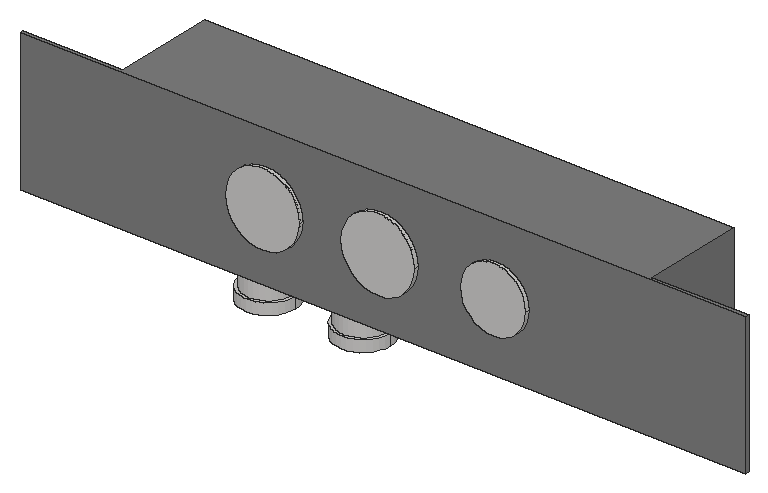
Revit family "5400", category Generic Models, Revit 2021
Family settings
  Can host rebar = No
  Round Connector Dimension = Use Diameter
  Part Type = Normal
  Work Plane-Based = No
  Always vertical = Yes
  Cut with Voids When Loaded = No
  Shared = No
  Room Calculation Point = No
Parameters
  e-mail = "info@vola.com"
  URL = "http://vola.com"
  Telephone = "+45 7023 5500"
  Quality management standard = "ISO 9001"
  Organisation no. / DUNS no. = "17531328"
  Occupational health and safety management standard = "ISO 18001"
  Mounting Instructions = "http://vola.com/service/producturl.ashx?name=5400"
  Model = "5400"
  Materials and components information = "http://vola.com/service/producturl.ashx?name=5400"
  Manufacturer = "VOLA A/S"
  Maintenance Instructions = "http://vola.com/service/producturl.ashx?name=5400"
  Guarantee = "2 years"
  Flow = "43,00 l/min"
  Environmental management standard = "ISO 14000"
  Default Elevation = 0.00 mm
  Connection - All relevant connections = ""
  Approvals = "http://vola.com/service/producturl.ashx?name=5400"
Reference planes
  plane 1 "Center (Front/Back)": y = 0
  plane 2: z = 0
  plane 3 "Center (Left/Right)": x = 0
  plane 4 "Inlet Center Plane": y = -29
  plane 5: z = 85
Forms (mm)
  Extrusion 1, solid, material "Default"
    sketch origin (10, 0, 16) x (1, 0, 0) y (0, 1, 0)
      loop
        line (-147.5, 0) -> (-147.5, -69) -> (210.5, -69) -> (210.5, 0) -> (-147.5, 0)
    from 21.5 to 116.5
  Extrusion 2, solid, material "Default"
    sketch origin (10, -1, 16) x (1, 0, 0) y (0, 1, 0)
      loop
        line (-215, -68) -> (-215, -70.5) -> (275.5, -70.5) -> (275.5, -68) -> (-215, -68)
    from 21.5 to 116.5
  Extrusion 3, solid, material "Stainless Steel"
    sketch origin (-59, -4, 37.5) x (0, 1, 0) y (1, 0, 0)
      loop
        circle (-25, -12) r 16.5
    from 0 to 29.77
  Extrusion 4, solid, material "Stainless Steel"
    sketch origin (5, -4, 37.5) x (0, 1, 0) y (1, 0, 0)
      loop
        circle (-25, -12) r 16.5
    from 0 to 29.77
  Extrusion 5, solid, material "Stainless Steel"
    sketch origin (-51.5, -71.5, 16) x (-1, 0, 0) y (0, 0, -1)
      loop
        circle (-12.5, -69) r 24.89
    from 0 to 2.5
  Extrusion 6, solid, material "Stainless Steel"
    sketch origin (26.5, -71.5, 16) x (-1, 0, 0) y (0, 0, -1)
      loop
        circle (-12.5, -69) r 24.89
    from 0 to 2.5
  Extrusion 7, solid, material "Stainless Steel"
    sketch origin (65.5, -71.5, 16) x (-1, 0, 0) y (0, 0, -1)
      loop
        circle (-51.5, -69) r 22
    from 0 to 2.5
  Extrusion 8, solid, material "Stainless Steel"
    sketch origin (-59, -4, 7.73) x (-1, 0, 0) y (0, 1, 0)
      loop
        circle (12, -25) r 18.5
    from 0 to 7.73
  Extrusion 9, solid, material "Stainless Steel"
    sketch origin (5, -4, 7.73) x (-1, 0, 0) y (0, 1, 0)
      loop
        circle (12, -25) r 18.5
    from 0 to 7.73
Cuts and joins
  joined: Extrusion 1, Extrusion 2
Lines and regions (mm)
  reference lines
    curve 1: line (117, -29, 85) -> (117, -121.5, 85)
    curve 2: line (39, -29, 85) -> (39, -121.5, 85)
    curve 3: line (-39, -29, 85) -> (-39, -121.5, 85)
    curve 4: line (-7, -29, 85) -> (-7, -29, -50)
    curve 5: line (-71, -29, 85) -> (-71, -29, -50)
    curve 6: line (117, -35.26, 182.5) -> (117, -35.26, -12.5)
Dimensions and locks
  aligned and locked: plane 2 to level
  aligned and locked: Extrusion 1 to Extrusion 2
  aligned and locked: Extrusion 2 to Extrusion 1
